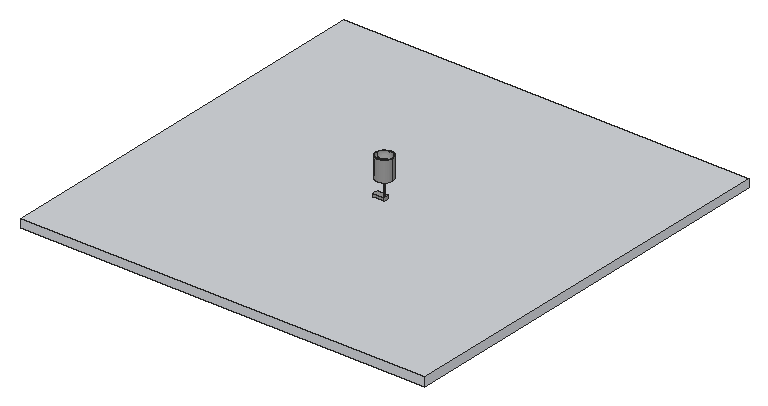
Revit family "LAMP_KOMBIC 100 SURFACE SUSPENDED TRACK 2000 CRI80 OPAL", category Luminarias, Revit 2018
Family settings
  Anfitrión = Cara
  Cota de conector redondo = Diámetro de uso
  Tipo de pieza = Normal
  Corte con vacíos al cargar = No
  Origen de luz = Sí
  Compartido = No
  Punto de cálculo de habitación = No
Parameters (values of type "1392LM 3000K  M/B")
  Ángulo de inclinación = -90.00°
  Weight = 0.498 kg
  UGR = ""
  Type = "COB PHILIPS"
  Protection rating = "IP40"
  Product datasheet = "http://www.lamp.es/product-files/TECH/K11ST2040OP830NMB-EN.pdf"
  Product code = "K11ST2040OP830NMB"
  Product URL = "https://www.lamp.es/en/family/kombic-surface_474354"
  Power Supply = "220-240V 50/60Hz"
  Power = 12 W
  Plum = 13.4 W
  Modelo = Product code  # "K11ST2040OP830NMB"
  Model explanation = "Possibility to modify the lenght of the suspension cable up to 1m"
  Material reflector = LAMP_PC Reflector Kombic Metalizado Mate
  Material floron = LAMP_Plástico genérico NG
  Material difusor = LAMP_PMMA Difusor Kombic
  Material cuerpo = LAMP_Plástico genérico NG
  Material cable suspension = LAMP_Acero genérico
  Manufacturer name = "LAMP"
  Manufacturer country = "Spain"
  Manufacturer URL = "http://www.lamp.es/en"
  MacAdam = "3"
  Luminaire type = "Track Suspended"
  Last update = "28/07/2021"
  Lamp = "COB LED"
  LED Lifetime = "50.000 L80 B10"
  Insulation class = "I"
  Installation instructions = "https://www.lamp.es/product-files/packed/by-family/474354_INS_all.zip"
  IEE = "A+"
  Wattage = 13.4 W
  built-in parameter 1150107 = 3000 (stored number, unit not read)
  built-in parameter 1150110 = 1 (stored number, unit not read)
  built-in parameter 1150109 = 1 (stored number, unit not read)
  built-in parameter 1150112 = 1 (stored number, unit not read)
  built-in parameter 1150113 = 1 (stored number, unit not read)
  built-in parameter 1114218 = 1 (stored number, unit not read)
  built-in parameter 1150137 = (empty or 0)
  built-in parameter 1150132 = 2
  built-in parameter 1150105 = 1245.8 (stored number, unit not read)
  built-in parameter 1150102 = (empty or 0)
  built-in parameter 1150106 = 12.458 (stored number, unit not read)
  Height suspension [instance] = 100 mm
  Height distance [instance] = if(Height suspension > 1 mm, if(Height suspension < 1000 mm, Height suspension, 1000 mm), 1 mm)  # 100 mm
  Height = 120 mm
  Gear = "Electronic"
  Lumens = 1392.26 lm
  Finish = "Matte black RAL 9011"
  Color Filter = 16777215
  built-in parameter 1114217 = 1 (stored number, unit not read)
  built-in parameter 1150139 = (empty or 0)
  Fabricante = Manufacturer name  # "LAMP"
  Default Elevation = 1219.2 mm
  built-in parameter 1150104 = 9.6526 (stored number, unit not read)
  Efficacy = 103.9 lm/W
  Diameter = 100 mm
  built-in parameter 1150115 = 1 (stored number, unit not read)
  built-in parameter 1150114 = 1 (stored number, unit not read)
  built-in parameter 1150138 = (empty or 0)
  built-in parameter 1150134 = (empty or 0)
  Dimming Lamp Color Temperature Shift = (empty or 0)
  CRI = "80"
  Archivo de red fotométrica = "K11rd2040OP830NMw.IES"
  built-in parameter 1150133 = 10 (stored number, unit not read)
Types (12, lengths in mm): name | Product datasheet | Product code | Plum | Modelo | Material reflector | Material cuerpo | Wattage | built-in parameter 1150107 | built-in parameter 1150132 | built-in parameter 1150105 | built-in parameter 1150106 | Lumens | Finish | built-in parameter 1150104 | Efficacy | built-in parameter 1150134 | Archivo de red fotométrica
  1392LM 3000K  M/B | "http://www.lamp.es/product-files/TECH/K11ST2040OP830NMB-EN.pdf" | "K11ST2040OP830NMB" | 13.4 W | "K11ST2040OP830NMB" | LAMP_PC Reflector Kombic Metalizado Mate | LAMP_Plástico genérico NG | 13.4 W | 3000 (stored number, unit not read) | 2 | 1245.8 (stored number, unit not read) | 12.458 (stored number, unit not read) | 1392.26 lm | "Matte black RAL 9011" | 9.6526 (stored number, unit not read) | 103.9 lm/W | (empty or 0) | "K11rd2040OP830NMw.IES"
  1392LM 3000K  M/W | "http://www.lamp.es/product-files/TECH/K11ST2040OP830NMW-EN.pdf" | "K11ST2040OP830NMW" | 13.4 W | "K11ST2040OP830NMW" | LAMP_PC Reflector Kombic Metalizado Mate | LAMP_Plástico genérico BL | 13.4 W | 3000 (stored number, unit not read) | 2 | 110.79 (stored number, unit not read) | 1.1079 (stored number, unit not read) | 1392.26 lm | "Matte Traffic white RAL 9016" | 9.6526 (stored number, unit not read) | 103.9 lm/W | (empty or 0) | "K11rd2040OP830NMW.IES"
  1454LM 3000K  W/B | "http://www.lamp.es/product-files/TECH/K11ST2040OP830NWB-EN.pdf" | "K11ST2040OP830NWB" | 13.4 W | "K11ST2040OP830NWB" | LAMP_PC Reflector Kombic Blanco | LAMP_Plástico genérico NG | 13.4 W | 3000 (stored number, unit not read) | 2 | 1301 (stored number, unit not read) | 13.01 (stored number, unit not read) | 1453.9 lm | "Matte black RAL 9011" | 10.08 (stored number, unit not read) | 108.5 lm/W | (empty or 0) | "K11rd2040OP830NWw.IES"
  1454LM 3000K  W/W | "http://www.lamp.es/product-files/TECH/K11ST2040OP830NWW-EN.pdf" | "K11ST2040OP830NWW" | 13.4 W | "K11ST2040OP830NWW" | LAMP_PC Reflector Kombic Blanco | LAMP_Plástico genérico BL | 13.4 W | 3000 (stored number, unit not read) | 2 | 1301 (stored number, unit not read) | 13.01 (stored number, unit not read) | 1453.9 lm | "Matte Traffic white RAL 9016" | 10.08 (stored number, unit not read) | 108.5 lm/W | (empty or 0) | "K11rd2040OP830NWW.IES"
  1460LM 3000K  BR/B | "http://www.lamp.es/product-files/TECH/K11ST2040OP830NRB-EN.pdf" | "K11ST2040OP830NRB" | 13.7 W | "K11ST2040OP830NRB" | LAMP_PC Reflector Kombic Metalizado Brillante | LAMP_Plástico genérico NG | 13.7 W | 3000 (stored number, unit not read) | 2 | 1306.8 (stored number, unit not read) | 13.068 (stored number, unit not read) | 1460.42 lm | "Matte black RAL 9011" | 9.9035 (stored number, unit not read) | 106.6 lm/W | (empty or 0) | "K11rd2040OP830NRw.IES"
  1460LM 3000K  BR/W | "http://www.lamp.es/product-files/TECH/K11ST2040OP830NRW-EN.pdf" | "K11ST2040OP830NRW" | 13.7 W | "K11ST2040OP830NRW" | LAMP_PC Reflector Kombic Metalizado Brillante | LAMP_Plástico genérico BL | 13.7 W | 3000 (stored number, unit not read) | 2 | 1306.8 (stored number, unit not read) | 13.068 (stored number, unit not read) | 1460.42 lm | "Matte Traffic white RAL 9016" | 9.9035 (stored number, unit not read) | 106.6 lm/W | (empty or 0) | "K11rd2040OP830NRW.IES"
  1474LM 4000K  M/B | "http://www.lamp.es/product-files/TECH/K11ST2040OP840NMB-EN.pdf" | "K11ST2040OP840NMB" | 13.4 W | "K11ST2040OP840NMB" | LAMP_PC Reflector Kombic Metalizado Mate | LAMP_Plástico genérico NG | 13.4 W | 4000 (stored number, unit not read) | 2 | 1319 (stored number, unit not read) | 13.19 (stored number, unit not read) | 1474 lm | "Matte black RAL 9011" | 10.219 (stored number, unit not read) | 110 lm/W | 12 | "K11rd2040OP840NMw.IES"
  1474LM 4000K  M/W | "http://www.lamp.es/product-files/TECH/K11ST2040OP840NMW-EN.pdf" | "K11ST2040OP840NMW" | 13.4 W | "K11ST2040OP840NMW" | LAMP_PC Reflector Kombic Metalizado Mate | LAMP_Plástico genérico BL | 13.4 W | 4000 (stored number, unit not read) | 2 | 1319 (stored number, unit not read) | 13.19 (stored number, unit not read) | 1474 lm | "Matte Traffic white RAL 9016" | 10.219 (stored number, unit not read) | 110 lm/W | 12 | "K11rd2040OP840NMW.IES"
  1541LM 4000K  W/B | "http://www.lamp.es/product-files/TECH/K11ST2040OP840NWB-EN.pdf" | "K11ST2040OP840NWB" | 13.4 W | "K11ST2040OP840NWB" | LAMP_PC Reflector Kombic Blanco | LAMP_Plástico genérico NG | 13.4 W | 4000 (stored number, unit not read) | 2 | 1378.9 (stored number, unit not read) | 13.789 (stored number, unit not read) | 1541 lm | "Matte black RAL 9011" | 10.684 (stored number, unit not read) | 115 lm/W | 12 | "K11rd2040OP840NWw.IES"
  1541LM 4000K  W/W | "http://www.lamp.es/product-files/TECH/K11ST2040OP840NWW-EN.pdf" | "K11ST2040OP840NWW" | 13.4 W | "K11ST2040OP840NWW" | LAMP_PC Reflector Kombic Blanco | LAMP_Plástico genérico BL | 13.4 W | 4000 (stored number, unit not read) | (empty or 0) | 1378.9 (stored number, unit not read) | 13.789 (stored number, unit not read) | 1541 lm | "Matte Traffic white RAL 9016" | 10.684 (stored number, unit not read) | 115 lm/W | 12 | "K11rd2040OP840NWW.IES"
  1547LM 4000K  BR/B | "http://www.lamp.es/product-files/TECH/K11ST2040OP840NRB-EN.pdf" | "K11ST2040OP840NRB" | 13.4 W | "K11ST2040OP840NRB" | LAMP_PC Reflector Kombic Metalizado Brillante | LAMP_Plástico genérico NG | 13.4 W | 4000 (stored number, unit not read) | 2 | 1383.7 (stored number, unit not read) | 13.837 (stored number, unit not read) | 1546.36 lm | "Matte black RAL 9011" | 10.721 (stored number, unit not read) | 115.4 lm/W | 12 | "K11rd2040OP840NRw.IES"
  1547LM 4000K  BR/W | "http://www.lamp.es/product-files/TECH/K11ST2040OP840NRW-EN.pdf" | "K11ST2040OP840NRW" | 13.4 W | "K11ST2040OP840NRW" | LAMP_PC Reflector Kombic Metalizado Brillante | LAMP_Plástico genérico BL | 13.4 W | 4000 (stored number, unit not read) | 2 | 1383.7 (stored number, unit not read) | 13.837 (stored number, unit not read) | 1546.36 lm | "Matte Traffic white RAL 9016" | 10.721 (stored number, unit not read) | 115.4 lm/W | 12 | "K11rd2040OP840NRW.IES"
Reference planes
  plane 1 "Centro (Frontal/Posterior)": y = 0
  plane 2: z = 0
  plane 3 "Centro (Izquierda/Derecha)": x = 0
Forms (mm)
  Extrusion 1, solid
    sketch origin (0, 0, 0) x (1, 0, 0) y (0, 1, 0)
      loop
        line (-1219.2, 1219.2) -> (-1219.2, -1219.2) -> (1219.2, -1219.2) -> (1219.2, 1219.2) -> (-1219.2, 1219.2)
    from 0 to -50
  Extrusion 2, solid, material "LAMP_Plástico genérico NG" <- "Material cuerpo"
    sketch origin (0, 0, 0) x (1, 0, 0) y (0, 1, 0)
      loop
        circle (0, 0) r 50
    from 114 to 234
  Extrusion 3, void
    sketch origin (0, 0, 0) x (1, 0, 0) y (0, 1, 0)
      loop
        circle (0, 0) r 48
    from 130.273 to 234
  Sweep 4, solid, material "LAMP_PC Reflector Kombic Metalizado Mate" <- "Material reflector"
    path origin (105.103, -251.845, 234) x (1, 0, 0) y (0, 1, 0)
      loop
        circle (-105.103, 251.959) r 48
    profile origin (0, 48.114, 234) x (0, -1, 0) y (0, 0, 1)
      loop
        arc (0, 0) -> (6.616, -20.646) -> (24, -33.6) r 35.52
        line (24, -33.6) -> (24, -32.6)
        arc (24, -32.6) -> (7.196, -20.217) -> (2, 0) r 31.112
        line (2, 0) -> (0, 0)
  Extrusion 5, solid, material "LAMP_PMMA Difusor Kombic" <- "Material difusor"
    sketch origin (0, 0, 0) x (1, 0, 0) y (0, 1, 0)
      loop
        circle (0, 0) r 24
    from 200.4 to 201.4
  Extrusion 6, solid, material "LAMP_Plástico genérico NG" <- "Material cuerpo"
    sketch origin (0, 0, 0) x (1, 0, 0) y (0, 1, 0)
      loop
        arc (-54.442, 16) -> (-58.313, 0) -> (-54.442, -16) r 35
        line (-54.442, -16) -> (7.815, -16)
        arc (7.815, -16) -> (11.687, 0) -> (7.815, 16) r 35
        line (7.815, 16) -> (-54.442, 16)
    from -26 to 14
  Extrusion 7, void
    sketch origin (0, 0, 0) x (0, 1, 0) y (0, 0, 1)
      loop
        line (17, 0) -> (7, 0) -> (7, -25) -> (-7, -25) -> (-7, 0) -> (-17, 0) -> (-17, -26) -> (17, -26) -> (17, 0)
    from -59.309 to 12.887
  Extrusion 8, solid
    sketch origin (0, 0, 0) x (1, 0, 0) y (0, 1, 0)
      loop
        circle (0, 0) r 1
    from 14 to 114
Cuts and joins
  Extrusion 3 cuts Extrusion 2
  Extrusion 7 cuts Extrusion 6
Text (mm)
  text "Any modification of the parameters and properties of the LAMP BIM models must be executed and validated by the LAMP technical department.\nPhone: +34 93 736 68 00\nE-mail: lamp@lamp.es\n\nLAMP reserves the right to modify the technical specifications of its products." at (1856.491, -4316.333, -2622.127), in view "Preview"
Dimensions and locks
  locked: Extrusion 2 to Extrusion 2 at 120
  locked: cut or joined group of Extrusion 2, Extrusion 3 to cut or joined group of Extrusion 2, Extrusion 3 at 103.727
  "Height distance": cut or joined group of Extrusion 2, Extrusion 3 to cut or joined group of Extrusion 6, Extrusion 7
  locked: cut or joined group of Extrusion 6, Extrusion 7 to Extrusion 1 at 14
  aligned and locked: plane 2 to Extrusion 1
  aligned and locked: level to Extrusion 1
  aligned and locked: Extrusion 2 to Extrusion 3
  aligned and locked: Sweep 4 to Extrusion 5
  aligned and locked: Extrusion 5 to Sweep 4
  aligned and locked: imposter light to cut or joined group of Extrusion 2, Extrusion 3
  aligned and locked: Extrusion 8 to cut or joined group of Extrusion 6, Extrusion 7
  aligned and locked: cut or joined group of Extrusion 2, Extrusion 3 to Extrusion 8
Automatic sketch dimensions
  Extrusion 1 sketch curve to Extrusion 1 sketch curve = 2438.4 mm  (x2)
  plane 1 "Centro (Frontal/Posterior)" to Extrusion 2 sketch curve = 0 mm
  Extrusion 2 sketch curve to plane 3 "Centro (Izquierda/Derecha)" = 0 mm
  plane 1 "Centro (Frontal/Posterior)" to Extrusion 3 sketch curve = 0 mm
  Extrusion 3 sketch curve to plane 3 "Centro (Izquierda/Derecha)" = 0 mm
  Sweep 4 sketch curve to profile plane = 0 mm  (x2)
  Sweep 4 sketch curve to Sweep 4 sketch curve = 2 mm
  Sweep 4 sketch curve to profile plane = 24 mm
  Sweep 4 sketch curve to profile plane = 2.814 mm
  Sweep 4 sketch curve to Sweep 4 sketch curve = 8.984 mm
  Sweep 4 sketch curve to Sweep 4 sketch curve = 2.536 mm
  plane 1 "Centro (Frontal/Posterior)" to Extrusion 5 sketch curve = 0 mm
  Extrusion 5 sketch curve to plane 3 "Centro (Izquierda/Derecha)" = 0 mm
  Extrusion 6 sketch curve to Extrusion 6 sketch curve = 0 mm  (x2)
  plane 1 "Centro (Frontal/Posterior)" to Extrusion 6 sketch curve = 0 mm
  Extrusion 6 sketch curve to plane 1 "Centro (Frontal/Posterior)" = 16 mm
  Extrusion 6 sketch curve to plane 3 "Centro (Izquierda/Derecha)" = 54.442 mm
  plane 1 "Centro (Frontal/Posterior)" to Extrusion 6 sketch curve = 16 mm
  Extrusion 6 sketch curve to plane 3 "Centro (Izquierda/Derecha)" = 23.313 mm
  plane 3 "Centro (Izquierda/Derecha)" to Extrusion 6 sketch curve = 7.815 mm
  Extrusion 7 sketch curve to level = 0 mm  (x2)
  plane 1 "Centro (Frontal/Posterior)" to Extrusion 7 sketch curve = 17 mm
  plane 1 "Centro (Frontal/Posterior)" to Extrusion 7 sketch curve = 7 mm
  Extrusion 7 sketch curve to plane 1 "Centro (Frontal/Posterior)" = 7 mm
  Extrusion 7 sketch curve to Extrusion 7 sketch curve = 10 mm
  Extrusion 7 sketch curve to Extrusion 7 sketch curve = 25 mm
  Extrusion 7 sketch curve to Extrusion 7 sketch curve = 1 mm
  plane 1 "Centro (Frontal/Posterior)" to Extrusion 8 sketch curve = 0 mm
  Extrusion 8 sketch curve to plane 3 "Centro (Izquierda/Derecha)" = 0 mm
  radius of Extrusion 2 sketch curve = 50 mm
  radius of Extrusion 3 sketch curve = 48 mm
  radius of Sweep 4 sketch curve = 48 mm
  radius of Extrusion 5 sketch curve = 24 mm
  radius of Extrusion 8 sketch curve = 1 mm
Connectors
  electrical at (0, 0, 114)
    settings: on cut or joined group of Extrusion 2, Extrusion 3, index 1, voltage 230 V, apparent load 0 VA, apparent load phase1 0 VA, apparent load phase2 0 VA, apparent load phase3 0 VA, power factor 1, load classification "Otro", number of poles 1, system type 31, power factor state 1, is connector primary yes, connector utility no, sub classification motor no, connector description ""
